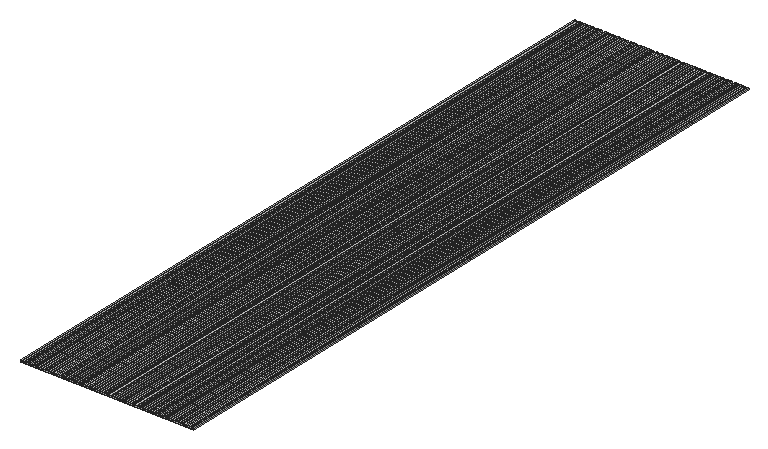
Revit family "111213058021709", category Modelos genéricos, Revit 2018
Family settings
  Puede alojar armadura = No
  Cota de conector redondo = Diámetro de uso
  Tipo de pieza = Normal
  Se basa en plano de trabajo = No
  Siempre vertical = No
  Corte con vacíos al cargar = No
  Compartido = No
  Punto de cálculo de habitación = No
Parameters (values of type "DESCANSO NEO PVC 300MM GRIS CLARO TIRA 1.20")
  Ventajas = "Autoextinguible"
  Uso = "Es un producto que se instala en los descansos de las escaleras, es una solución\r\nfabricada en PVC, ideal para zonas de medio y alto trafico, con estrías antideslizantes.\r\nIdeal para: Edificios Públicos y Privados, Colegios, Universidades, Centros comerciales,\r\nAeropuertos, Hoteles, Edificios Habitacionales, entre otros."
  Unidad = "Tiras de 1.20 Mts y 3.00 Mts."
  URL = "https://www.empresascnp.cl/"
  Num SKUs = "111213058021709"
  Nombre SKU = "DESCANSO NEO PVC 300MM GRIS CLARO TIRA 1.2MT"
  Modelo = "DESCANSO NEO PVC 300MM"
  Material = PVC flexible gris claro
  Url Ficha tecnica = "https://empresascnp.cl/wp-content/uploads//pdf/ficha-tecnica-descanso-neo-pvc-300mm-negro-tira-3mt.pdf"
  Largo = 1200.00 mm
  Espesor = 2.00 mm
  Empresa = "CNP SPA."
  Dureza = "80 shore A"
  Dimension = 300.00 mm
  Descripción = "Grada Neo 300x50 MM."
  Contacto = "info@empresascnp.cl"
  Color = "GRIS CLARO"
  Aplicacion = "Escaleras"
  Alto = 50.00 mm
Reference planes
  plane 1 "Center F/B": y = 0
  plane 2: z = 0
  plane 3 "Center L/R": x = 0
  plane 4: z = -50
  plane 5 "2": y = 600
  plane 6 "3": y = -600
  plane 7: x = 300
  plane 8: z = -2
  plane 9 "4": x = 2
Forms (mm)
  Extrusion 1, solid, material "PVC flexible gris claro" <- "Material"
    sketch origin (0, 0, 0) x (1, 0, 0) y (0, 0, 1)
      loop
        line (300, -0.79) -> (299, -0.79) -> (299, 0) -> (297, 0) -> (297, -0.79) -> (296, -0.79) -> (296, 0) -> (294, 0) -> (294, -0.79) -> (293, -0.79) -> (293, 0) -> (291, 0) -> (291, -0.79) -> (287, -0.79) -> (287, 0) -> (285, 0) -> (285, -0.79) -> (284, -0.79) -> (284, 0) -> (282, 0) -> (282, -0.79) -> (281, -0.79) -> (281, 0) -> (279, 0) -> (279, -0.79) -> (278, -0.79) -> (278, 0) -> (276, 0) -> (276, -0.79) -> (272, -0.79) -> (272, 0) -> (270, 0) -> (270, -0.79) -> (269, -0.79) -> (269, 0) -> (267, 0) -> (267, -0.79) -> (266, -0.79) -> (266, 0) -> (264, 0) -> (264, -0.79) -> (263, -0.79) -> (263, 0) -> (261, 0) -> (261, -0.79) -> (257, -0.79) -> (257, 0) -> (255, 0) -> (255, -0.79) -> (254, -0.79) -> (254, 0) -> (252, 0) -> (252, -0.79) -> (251, -0.79) -> (251, 0) -> (249, 0) -> (249, -0.79) -> (248, -0.79) -> (248, 0) -> (246, 0) -> (246, -0.79) -> (242, -0.79) -> (242, 0) -> (240, 0) -> (240, -0.79) -> (239, -0.79) -> (239, 0) -> (237, 0) -> (237, -0.79) -> (236, -0.79) -> (236, 0) -> (234, 0) -> (234, -0.79) -> (233, -0.79) -> (233, 0) -> (231, 0) -> (231, -0.79) -> (227, -0.79) -> (227, 0) -> (225, 0) -> (225, -0.79) -> (224, -0.79) -> (224, 0) -> (222, 0) -> (222, -0.79) -> (221, -0.79) -> (221, 0) -> (219, 0) -> (219, -0.79) -> (218, -0.79) -> (218, 0) -> (216, 0) -> (216, -0.79) -> (212, -0.79) -> (212, 0) -> (210, 0) -> (210, -0.79) -> (209, -0.79) -> (209, 0) -> (207, 0) -> (207, -0.79) -> (206, -0.79) -> (206, 0) -> (204, 0) -> (204, -0.79) -> (203, -0.79) -> (203, 0) -> (201, 0) -> (201, -0.79) -> (197, -0.79) -> (197, 0) -> (195, 0) -> (195, -0.79) -> (194, -0.79) -> (194, 0) -> (192, 0) -> (192, -0.79) -> (191, -0.79) -> (191, 0) -> (189, 0) -> (189, -0.79) -> (188, -0.79) -> (188, 0) -> (186, 0) -> (186, -0.79) -> (182, -0.79) -> (182, 0) -> (180, 0) -> (180, -0.79) -> (179, -0.79) -> (179, 0) -> (177, 0) -> (177, -0.79) -> (176, -0.79) -> (176, 0) -> (174, 0) -> (174, -0.79) -> (173, -0.79) -> (173, 0) -> (171, 0) -> (171, -0.79) -> (167, -0.79) -> (167, 0) -> (165, 0) -> (165, -0.79) -> (164, -0.79) -> (164, 0) -> (162, 0) -> (162, -0.79) -> (161, -0.79) -> (161, 0) -> (159, 0) -> (159, -0.79) -> (158, -0.79) -> (158, 0) -> (156, 0) -> (156, -0.79) -> (152, -0.79) -> (152, 0) -> (150, 0) -> (150, -0.79) -> (149, -0.79) -> (149, 0) -> (147, 0) -> (147, -0.79) -> (146, -0.79) -> (146, 0) -> (144, 0) -> (144, -0.79) -> (143, -0.79) -> (143, 0) -> (141, 0) -> (141, -0.79) -> (137, -0.79) -> (137, 0) -> (135, 0) -> (135, -0.79) -> (134, -0.79) -> (134, 0) -> (132, 0) -> (132, -0.79) -> (131, -0.79) -> (131, 0) -> (129, 0) -> (129, -0.79) -> (128, -0.79) -> (128, 0) -> (126, 0) -> (126, -0.79) -> (122, -0.79) -> (122, 0) -> (120, 0) -> (120, -0.79) -> (119, -0.79) -> (119, 0) -> (117, 0) -> (117, -0.79) -> (116, -0.79) -> (116, 0) -> (114, 0) -> (114, -0.79) -> (113, -0.79) -> (113, 0) -> (111, 0) -> (111, -0.79) -> (107, -0.79) -> (107, 0) -> (105, 0) -> (105, -0.79) -> (104, -0.79) -> (104, 0) -> (102, 0) -> (102, -0.79) -> (101, -0.79) -> (101, 0) -> (99, 0) -> (99, -0.79) -> (98, -0.79) -> (98, 0) -> (96, 0) -> (96, -0.79) -> (92, -0.79) -> (92, 0) -> (90, 0) -> (90, -0.79) -> (89, -0.79) -> (89, 0) -> (87, 0) -> (87, -0.79) -> (86, -0.79) -> (86, 0) -> (84, 0) -> (84, -0.79) -> (83, -0.79) -> (83, 0) -> (81, 0) -> (81, -0.79) -> (77, -0.79) -> (77, 0) -> (75, 0) -> (75, -0.79) -> (74, -0.79) -> (74, 0) -> (72, 0) -> (72, -0.79) -> (71, -0.79) -> (71, 0) -> (69, 0) -> (69, -0.79) -> (68, -0.79) -> (68, 0) -> (66, 0) -> (66, -0.79) -> (62, -0.79) -> (62, 0) -> (60, 0) -> (60, -0.79) -> (59, -0.79) -> (59, 0) -> (57, 0) -> (57, -0.79) -> (56, -0.79) -> (56, 0) -> (54, 0) -> (54, -0.79) -> (53, -0.79) -> (53, 0) -> (51, 0) -> (51, -0.79) -> (47, -0.79) -> (47, 0) -> (45, 0) -> (45, -0.79) -> (44, -0.79) -> (44, 0) -> (42, 0) -> (42, -0.79) -> (41, -0.79) -> (41, 0) -> (39, 0) -> (39, -0.79) -> (38, -0.79) -> (38, 0) -> (36, 0) -> (36, -0.79) -> (32, -0.79) -> (32, 0) -> (30, 0) -> (30, -0.79) -> (29, -0.79) -> (29, 0) -> (27, 0) -> (27, -0.79) -> (26, -0.79) -> (26, 0) -> (24, 0) -> (24, -0.79) -> (23, -0.79) -> (23, 0) -> (21, 0) -> (21, -0.79) -> (17, -0.79) -> (17, 0) -> (15, 0) -> (15, -0.79) -> (14, -0.79) -> (14, 0) -> (12, 0) -> (12, -0.79) -> (11, -0.79) -> (11, 0) -> (9, 0) -> (9, -0.79) -> (8, -0.79) -> (8, 0) -> (6, 0) -> (6, -0.79) -> (2, -0.79) -> (2, 0) -> (0, 0) -> (0, -2) -> (300, -2) -> (300, -0.79)
    from -600 to 600
Dimensions and locks
  "Alto": level to plane 4
  equal spacing: plane 6 "3", plane 1 "Center F/B", plane 5 "2"
  "Largo": plane 6 "3" to plane 5 "2"
  "Dimension": plane 7 to plane 3 "Center L/R"
  "Espesor": plane 2 to Extrusion 1 sketch curve
  aligned and locked: plane 6 "3" to Extrusion 1
  aligned and locked: Extrusion 1 to plane 5 "2"
  aligned and locked: Extrusion 1 sketch curve to plane 7
Automatic sketch dimensions
  Extrusion 1 sketch curve to level = 0.00 mm  (x80)
  Extrusion 1 sketch curve to plane 3 "Center L/R" = 0.00 mm
  Extrusion 1 sketch curve to plane 9 "4" = 0.00 mm
  plane 9 "4" to Extrusion 1 sketch curve = 4.00 mm
  Extrusion 1 sketch curve to Extrusion 1 sketch curve = 2.00 mm  (x78)
  Extrusion 1 sketch curve to Extrusion 1 sketch curve = 1.00 mm  (x59)
  Extrusion 1 sketch curve to level = 0.79 mm  (x77)
  Extrusion 1 sketch curve to Extrusion 1 sketch curve = 4.00 mm  (x19)
  Extrusion 1 sketch curve to plane 7 = 1.00 mm
  Extrusion 1 sketch curve to Extrusion 1 sketch curve = 0.79 mm  (x3)
